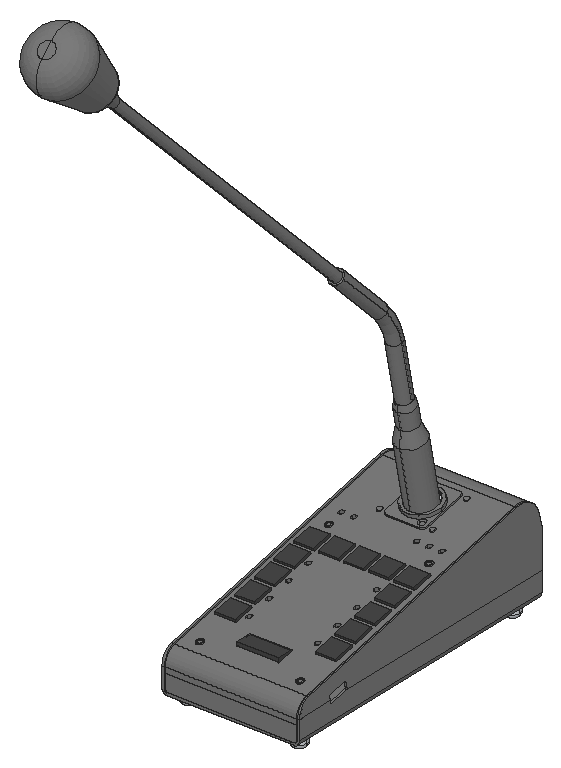
Revit family "LDA_BIM_MICROFONO MULTIZONA_MPS-8Z", category Equipos especializados, Revit 2021
Family settings
  Cota de conector redondo = Diámetro de uso
  Tipo de pieza = Normal
  Número OmniClass = 23.85.05.17
  Título OmniClass = Complete Audio-Visual Systems
  Se basa en plano de trabajo = Sí
  Siempre vertical = No
  Corte con vacíos al cargar = Sí
  Compartido = No
  Punto de cálculo de habitación = No
Parameters (values of type "MPS-8Z")
  URL = "https://support.lda-audiotech.com/sites/default/files/datasheets/LDA_MPS-8Z_es_0.pdf"
  Longitud Gooseneck = "350mm / 13,78”"
  Condiciones de Operación = "-5 ºC to +45 ºC / 23 ºF to 113 ºF 5% to 95% Humedad relativa (sin condensación)"
  Acabado = "Fe, Gris RAL 7016"
  ACSI Bus = "2 x Audio Balanceado (In+Loop)1Vp, 0,707Vrms. 10 KΩ, 2 x RJ-45 Female, Total 800m. / 2624,7ft"
  Sensibilidad = "-43 dB. a 1KHz"
  Respuesta en frecuencia = "200- 15000 Hz (+/-2dB)."
  Referencia = "LDAMPS8ZS02"
  Consumo de energía = "1 A"
  Fuente de alimentación = "5V dc, Tipo A/B Conector MiniUSB"
  Peso = "0,93 kg"
  Imagen de tipo = <Ninguno>
  Aux Mic Entrada = "1 x de entrada no Balanceada, 15mV, 47 KΩ, 1 x Minijack Mono 2,5mm"
  Axis Direccional = "Axial con respuesta diagrama hipercardioid polar."
  Botones = "3 x funciones programables, 1 x recall, 1 x seleccionar/ des-seleccionar todas las zonas, 8 x selección de zonas, 1 x llamar."
  Indicadores = "Estado: Emergencia, Fallo, Link, Ocupado, Linea Ocupada, Palabra concedida. 8 indicadores de zona seleccionada. Gooseneck incluye anillo luminoso para la palabra concedida"
  Tipo de TransductorConexión = "Condensador"
  Dimensiones sin gooseneck (W x H x D) = "95 x 65 x 190 mm / 3,75”x 2,56”x 7,48”"
  Keynote = ""
  Modelo = "MPS-8Z"
  Fabricante = "LDA"
  Default Elevation = 0 mm
  Dibujado por = "bmate@ruybesa.es"
  Descripción = "Micrófono multizona de altas prestaciones para el sistema de evacuación por voz y megafonía de NEO."
  Assembly Code = ""
  Type Comments = ""
  Ratio señal/ruido = "R> 98dB, A-ponderado"
Reference planes
  plane 1 "VH": y = 0
  plane 2 "HH": z = 0
  plane 3 "VV-1": x = 0
  plane 4 "Base": through (4267.2, -27.215, 24.086) normal (0, -0.2079, 0.9781)
  plane 5: through (4267.2, 153.346, 39.414) normal (0, -0.9781, -0.2079)
  plane 6 "VV": x = 42.7
Forms (mm)
  Sweep 1, solid
    path origin (0, 0, 0) x (1, 0, 0) y (0, 0, 1)
      loop
        line (0, 22.096) -> (0, 10)
        arc (0, 10) -> (1.025, 7.525) -> (3.5, 6.5) r 3.5
        line (3.5, 6.5) -> (81.9, 6.5)
        arc (81.9, 6.5) -> (84.375, 7.525) -> (85.4, 10) r 3.5
        line (85.4, 10) -> (85.4, 22.096)
    profile origin (0, 0, 16.048) x (0, -1, 0) y (1, 0, 0)
      loop
        line (0, 0) -> (0, 1.5) -> (-188.08, 1.5) -> (-188.08, 0) -> (0, 0)
  Extrusion 2, solid
    sketch origin (0, 0, 0) x (0, 1, 0) y (0, 0, 1)
      loop
        line (188.08, 22.096) -> (188.08, 46.138) -> (186.273, 54.64)
        arc (186.273, 54.64) -> (179.987, 63.786) -> (169.075, 65.808) r 14.5
        line (169.075, 65.808) -> (7.604, 31.487)
        arc (7.604, 31.487) -> (2.139, 28.138) -> (0, 22.096) r 9.6
        line (0, 22.096) -> (23.552, 22.096) -> (22.886, 25.233) -> (36.392, 28.104) -> (37.669, 22.096) -> (188.08, 22.096)
    from 0 to 1.5
  Extrusion 3, void
    sketch origin (0, 0, 0) x (0, 1, 0) y (0, 0, 1)
      loop
        line (37.001, 22.096) -> (23.552, 22.096) -> (24.134, 19.362) -> (37.001, 22.096)
    from 0 to 1.5
  Extrusion 4, solid
    sketch origin (85.4, 0, 0) x (0, 1, 0) y (0, 0, -1)
      loop
        line (188.08, -22.096) -> (37.669, -22.096) -> (36.392, -28.104) -> (22.886, -25.233) -> (23.552, -22.096) -> (0, -22.096)
        arc (0, -22.096) -> (2.139, -28.138) -> (7.604, -31.487) r 9.6
        line (7.604, -31.487) -> (169.075, -65.808)
        arc (169.075, -65.808) -> (179.987, -63.786) -> (186.273, -54.64) r 14.5
        line (186.273, -54.64) -> (188.08, -46.138) -> (188.08, -22.096)
    from 0 to 1.5
  Extrusion 5, void
    sketch origin (85.4, 0, 0) x (0, 1, 0) y (0, 0, -1)
      loop
        line (37.001, -22.096) -> (24.134, -19.362) -> (23.552, -22.096) -> (37.001, -22.096)
    from 0 to 1.5
  Revolve 6, solid
    sketch origin (0, 10.274, 0) x (1, 0, 0) y (0, 0, 1)
      loop
        line (8.25, 16.6) -> (6.25, 16.6) -> (4.851, 12.2) -> (4.851, 6.5) -> (3.5, 6.5) -> (3.5, 3)
        arc (3.5, 3) -> (4.379, 0.879) -> (6.5, 0) r 3
        line (6.5, 0) -> (8.25, 0) -> (8.25, 16.6)
      axis (8.25, 16.6) -> (8.25, 0)
    angle from 0 to 360
  Revolve 7, solid
    sketch origin (85.4, 10.274, 0) x (-1, 0, 0) y (0, 0, -1)
      loop
        line (8.25, -16.6) -> (8.25, 0) -> (6.5, 0)
        arc (6.5, 0) -> (4.379, -0.879) -> (3.5, -3) r 3
        line (3.5, -3) -> (3.5, -6.5) -> (4.851, -6.5) -> (4.851, -12.2) -> (6.25, -16.6) -> (8.25, -16.6)
      axis (8.25, -16.6) -> (8.25, 0)
    angle from 0 to 360
  Revolve 8, solid
    sketch origin (0, 175.852, 0) x (1, 0, 0) y (0, 0, -1)
      loop
        line (8.25, -16.6) -> (8.25, 0) -> (6.5, 0)
        arc (6.5, 0) -> (4.379, -0.879) -> (3.5, -3) r 3
        line (3.5, -3) -> (3.5, -6.5) -> (4.851, -6.5) -> (4.851, -12.2) -> (6.25, -16.6) -> (8.25, -16.6)
      axis (8.25, -16.6) -> (8.25, 0)
    angle from 0 to 360
  Revolve 9, solid
    sketch origin (85.4, 175.852, 0) x (-1, 0, 0) y (0, 0, 1)
      loop
        line (8.25, 16.6) -> (6.25, 16.6) -> (4.851, 12.2) -> (4.851, 6.5) -> (3.5, 6.5) -> (3.5, 3)
        arc (3.5, 3) -> (4.379, 0.879) -> (6.5, 0) r 3
        line (6.5, 0) -> (8.25, 0) -> (8.25, 16.6)
      axis (8.25, 16.6) -> (8.25, 0)
    angle from 0 to 360
  Revolve 10, void
    sketch origin (0, 5.1, 0) x (1, 0, 0) y (0, 0, 1)
      loop
        line (15.936, 6.5) -> (19.186, 6.5) -> (19.186, 8) -> (17.661, 8) -> (15.936, 6.5)
      axis (19.186, 8) -> (19.186, 6.5)
    angle from 0 to 360
  Revolve 11, void
    sketch origin (85.4, 5.1, 0) x (-1, 0, 0) y (0, 0, -1)
      loop
        line (15.936, -6.5) -> (17.661, -8) -> (19.186, -8) -> (19.186, -6.5) -> (15.936, -6.5)
      axis (19.186, -8) -> (19.186, -6.5)
    angle from 0 to 360
  Revolve 12, void
    sketch origin (0, 183.01, 0) x (1, 0, 0) y (0, 0, -1)
      loop
        line (15.936, -6.5) -> (17.661, -8) -> (19.186, -8) -> (19.186, -6.5) -> (15.936, -6.5)
      axis (19.186, -8) -> (19.186, -6.5)
    angle from 0 to 360
  Revolve 13, void
    sketch origin (85.4, 183.01, 0) x (-1, 0, 0) y (0, 0, 1)
      loop
        line (15.936, 6.5) -> (19.186, 6.5) -> (19.186, 8) -> (17.661, 8) -> (15.936, 6.5)
      axis (19.186, 8) -> (19.186, 6.5)
    angle from 0 to 360
  Extrusion 14, void
    sketch origin (0, 0, 0) x (0, 1, 0) y (1, 0, 0)
      loop
        line (161.502, 5.394) -> (161.502, 10.994) -> (155.002, 10.994) -> (155.002, 5.394) -> (161.502, 5.394)
    from -6.5 to -10
  Extrusion 15, void
    sketch origin (13.433, -84.81, 0) x (0, 1, 0) y (1, 0, 0)
      loop
        line (156.693, 6.513) -> (160.693, 6.513)
        arc (160.693, 6.513) -> (163.943, 9.763) -> (160.693, 13.013) r 3.25
        line (160.693, 13.013) -> (156.693, 13.013)
        arc (156.693, 13.013) -> (153.443, 9.763) -> (156.693, 6.513) r 3.25
    from -6.5 to -10
  Extrusion 16, void
    sketch origin (4.523, -89.35, 0) x (0, 1, 0) y (1, 0, 0)
      loop
        circle (158.516, 9.036) r 1.985
    from -6.5 to -10
  Extrusion 17, void
    sketch origin (80.877, -89.35, 0) x (0, -1, 0) y (-1, 0, 0)
      loop
        circle (-158.516, 9.036) r 1.985
    from -6.5 to -10
  Extrusion 18, void
    sketch origin (80.877, -38.35, 0) x (0, -1, 0) y (-1, 0, 0)
      loop
        circle (-158.516, 9.036) r 1.985
    from -6.5 to -10
  Extrusion 19, solid
    sketch origin (0, 0, 0) x (1, 0, 0) y (0, 1, 0)
      loop
        circle (13.558, 69.166) r 1.985
      loop
        circle (13.558, 69.166) r 3.953
    from 8 to 10
  Extrusion 20, solid
    sketch origin (85.4, 0, 0) x (-1, 0, 0) y (0, -1, 0)
      loop
        circle (13.558, -69.166) r 1.985
      loop
        circle (13.558, -69.166) r 3.953
    from 8 to 10
  Extrusion 21, solid
    sketch origin (0, 51, 0) x (1, 0, 0) y (0, 1, 0)
      loop
        circle (13.558, 69.166) r 1.985
      loop
        circle (13.558, 69.166) r 3.953
    from 8 to 10
  Extrusion 22, solid
    sketch origin (85.4, 51, 0) x (-1, 0, 0) y (0, -1, 0)
      loop
        circle (13.558, -69.166) r 1.985
      loop
        circle (13.558, -69.166) r 3.953
    from 8 to 10
  Extrusion 23, void
    sketch origin (4.574, -147.843, 0) x (0, 1, 0) y (1, 0, 0)
      loop
        circle (158.117, 3.676) r 3.4
    from -6.5 to -10
  Extrusion 24, void
    sketch origin (73.474, -147.843, 0) x (0, 1, 0) y (1, 0, 0)
      loop
        circle (158.117, 3.676) r 3.4
    from -6.5 to -10
  Extrusion 25, void
    sketch origin (4.574, 17.735, 0) x (0, 1, 0) y (1, 0, 0)
      loop
        circle (158.117, 3.676) r 3.4
    from -6.5 to -10
  Extrusion 26, void
    sketch origin (73.474, 17.735, 0) x (0, 1, 0) y (1, 0, 0)
      loop
        circle (158.117, 3.676) r 3.4
    from -6.5 to -10
  Extrusion 27, void
    sketch origin (4.523, -38.35, 0) x (0, 1, 0) y (1, 0, 0)
      loop
        circle (158.516, 9.036) r 1.985
    from -6.5 to -10
  Extrusion 28, solid
    sketch origin (0, 11.927, -32.177) x (1, 0, 0) y (0, 0.978287, 0.207255)
      loop
        line (23.203, 135.463) -> (62.2, 135.463)
        arc (62.2, 135.463) -> (63.615, 136.049) -> (64.2, 137.463) r 2
        line (64.2, 137.463) -> (64.2, 170.463)
        arc (64.2, 170.463) -> (63.615, 171.878) -> (62.2, 172.463) r 2
        line (62.2, 172.463) -> (23.2, 172.463)
        arc (23.2, 172.463) -> (21.786, 171.878) -> (21.2, 170.463) r 2
        line (21.2, 170.463) -> (21.2, 137.466)
        arc (21.2, 137.466) -> (21.787, 136.05) -> (23.203, 135.463) r 2.002
      loop
        circle (26.202, 167.463) r 1.991
      loop
        circle (59.198, 167.463) r 1.991
      loop
        circle (26.202, 140.464) r 1.991
      loop
        circle (59.198, 140.464) r 1.991
    from 59.077 to 60.577
  Extrusion 29, solid
    sketch origin (0, 11.927, -32.177) x (1, 0, 0) y (0, 0.978287, 0.207255)
      loop
        line (32.7, 137.963) -> (52.7, 137.963)
        arc (52.7, 137.963) -> (54.822, 138.842) -> (55.7, 140.963) r 3
        line (55.7, 140.963) -> (55.7, 166.963)
        arc (55.7, 166.963) -> (54.822, 169.085) -> (52.7, 169.963) r 3
        line (52.7, 169.963) -> (32.7, 169.963)
        arc (32.7, 169.963) -> (30.579, 169.085) -> (29.7, 166.963) r 3
        line (29.7, 166.963) -> (29.7, 140.963)
        arc (29.7, 140.963) -> (30.579, 138.842) -> (32.7, 137.963) r 3
      loop
        circle (42.702, 153.963) r 10.927
    from 60.577 to 63.677
  Revolve 30, void
    sketch origin (0, 150.759, -2.765) x (1, 0, 0) y (0, -0.207255, 0.978287)
      loop
        line (49.411, 63.677) -> (50.679, 62.687) -> (50.679, 60.577) -> (51.72, 60.577) -> (51.72, 63.677) -> (49.411, 63.677)
      axis (51.72, 60.577) -> (51.72, 63.677)
    angle from 0 to 360
  Revolve 31, void
    sketch origin (85.401, 174.335, 2.23) x (-1, 0, 0) y (0, -0.207255, 0.978287)
      loop
        line (49.411, 63.677) -> (50.679, 62.687) -> (50.679, 60.577) -> (51.72, 60.577) -> (51.72, 63.677) -> (49.411, 63.677)
      axis (51.72, 60.577) -> (51.72, 63.677)
    angle from 0 to 360
  Extrusion 32, solid
    sketch origin (0, 11.927, -32.177) x (1, 0, 0) y (0, 0.978287, 0.207255)
      loop
        circle (42.702, 153.963) r 10.927
    from 50.677 to 63.677
  Extrusion 33, void
    sketch origin (0, 11.927, -32.177) x (1, 0, 0) y (0, 0.978287, 0.207255)
      loop
        circle (42.702, 153.963) r 9.8
      loop
        circle (42.702, 153.963) r 7.736
    from 53.677 to 63.677
  Extrusion 34, void
    sketch origin (0, 11.927, -32.177) x (1, 0, 0) y (0, 0.978287, 0.207255)
      loop
        circle (38.3, 153.963) r 1.335
      loop
        circle (47.103, 153.963) r 1.335
      loop
        circle (42.702, 149.562) r 1.335
    from 62.177 to 63.677
  Extrusion 35, solid
    sketch origin (0, 11.927, -32.177) x (1, 0, 0) y (0, 0.978287, 0.207255)
      loop
        circle (42.702, 153.963) r 9.8
      loop
        circle (42.702, 153.963) r 11.797
    from 65.677 to 63.677
  Extrusion 36, solid
    sketch origin (0, 11.927, -32.177) x (1, 0, 0) y (0, 0.978287, 0.207255)
      loop
        arc (37.922, 160.538) -> (42.702, 145.834) -> (47.482, 160.538) r 8.129
        line (47.482, 160.538) -> (37.922, 160.538)
    from 40.727 to 50.677
  Extrusion 37, solid
    sketch origin (0, 0, 0) x (1, 0, 0) y (0, 0, 1)
      loop
        line (1.5, 18.395) -> (1.5, 9.97)
        arc (1.5, 9.97) -> (2.077, 8.577) -> (3.47, 8) r 1.97
        line (3.47, 8) -> (81.937, 8)
        arc (81.937, 8) -> (83.325, 8.575) -> (83.9, 9.963) r 1.963
        line (83.9, 9.963) -> (83.9, 18.395) -> (1.5, 18.395)
    from 0 to -1.5
  Extrusion 38, solid
    sketch origin (-72.5, 0, 0) x (0, 0, 1) y (0, 1, 0)
      loop
        line (31.487, 7.604) -> (65.808, 169.075)
        arc (65.808, 169.075) -> (63.786, 179.987) -> (54.64, 186.273) r 14.5
        line (54.64, 186.273) -> (46.138, 188.08) -> (16.6, 188.08) -> (16.6, 186.58) -> (45.981, 186.58) -> (54.328, 184.806)
        arc (54.328, 184.806) -> (62.528, 179.17) -> (64.341, 169.387) r 13
        line (64.341, 169.387) -> (30.019, 7.916)
        arc (30.019, 7.916) -> (27.194, 3.305) -> (22.096, 1.5) r 8.1
        line (22.096, 1.5) -> (18.395, 1.5) -> (18.395, 0) -> (22.096, 0)
        arc (22.096, 0) -> (28.138, 2.139) -> (31.487, 7.604) r 9.6
    from -156.4 to -74
  Extrusion 39, void
    sketch origin (0, 46.929, -9.478) x (-1, 0, 0) y (0, 0.978148, 0.207912)
      loop
        circle (-42.7, 115) r 12
    from -46.746 to -48.246
  Extrusion 40, void
    sketch origin (0, 6.21, 0.653) x (-1, 0, 0) y (0, 0.978148, 0.207912)
      loop
        line (-5.194, 35.79) -> (-5.194, 48.39) -> (-17.789, 48.39) -> (-17.789, 35.79) -> (-5.194, 35.79)
      loop
        line (-5.194, 51.39) -> (-5.194, 63.99) -> (-17.789, 63.99) -> (-17.789, 51.39) -> (-5.194, 51.39)
      loop
        line (-5.194, 66.99) -> (-5.194, 79.59) -> (-17.789, 79.59) -> (-17.789, 66.99) -> (-5.194, 66.99)
      loop
        line (-5.194, 82.59) -> (-5.194, 95.19) -> (-17.789, 95.19) -> (-17.789, 82.59) -> (-5.194, 82.59)
      loop
        line (-5.194, 98.19) -> (-5.194, 110.79) -> (-17.789, 110.79) -> (-17.789, 98.19) -> (-5.194, 98.19)
      loop
        line (-20.796, 98.19) -> (-20.796, 110.79) -> (-33.396, 110.79) -> (-33.396, 98.19) -> (-20.796, 98.19)
      loop
        line (-36.396, 98.19) -> (-36.396, 110.79) -> (-48.996, 110.79) -> (-48.996, 98.19) -> (-36.396, 98.19)
      loop
        line (-80.197, 35.79) -> (-67.602, 35.79) -> (-67.602, 48.39) -> (-80.197, 48.39) -> (-80.197, 35.79)
      loop
        line (-80.197, 51.39) -> (-67.602, 51.39) -> (-67.602, 63.99) -> (-80.197, 63.99) -> (-80.197, 51.39)
      loop
        line (-80.197, 66.99) -> (-67.602, 66.99) -> (-67.602, 79.59) -> (-80.197, 79.59) -> (-80.197, 66.99)
      loop
        line (-80.197, 82.59) -> (-67.602, 82.59) -> (-67.602, 95.19) -> (-80.197, 95.19) -> (-80.197, 82.59)
      loop
        line (-80.197, 98.19) -> (-67.602, 98.19) -> (-67.602, 110.79) -> (-80.197, 110.79) -> (-80.197, 98.19)
      loop
        line (-64.596, 98.19) -> (-51.996, 98.19) -> (-51.996, 110.79) -> (-64.596, 110.79) -> (-64.596, 98.19)
      loop
        line (-29.846, 21.311) -> (-29.846, 31.861) -> (-55.546, 31.861) -> (-55.546, 21.311) -> (-29.846, 21.311)
      loop
        circle (-21.494, 42.095) r 1.65
      loop
        circle (-21.494, 57.693) r 1.648
      loop
        circle (-21.494, 73.295) r 1.65
      loop
        circle (-21.494, 88.893) r 1.652
      loop
        circle (-63.906, 42.095) r 1.65
      loop
        circle (-63.906, 57.693) r 1.648
      loop
        circle (-63.906, 73.295) r 1.65
      loop
        circle (-63.906, 88.893) r 1.652
      loop
        circle (-11.498, 127.985) r 1.65
      loop
        circle (-19.289, 127.985) r 1.65
      loop
        circle (-73.902, 127.985) r 1.65
      loop
        circle (-66.111, 127.985) r 1.65
      loop
        circle (-58.294, 127.985) r 1.65
    from -29.87 to -28.37
  Extrusion 41, solid
    sketch origin (0, 6.21, 0.653) x (1, 0, 0) y (0, 0.978148, 0.207912)
      loop
        circle (11.496, 15.19) r 2.095
      loop
        circle (11.496, 15.19) r 1.5
    from 19.9 to 29.87
  Extrusion 42, solid
    sketch origin (85.4, 6.21, 0.653) x (-1, 0, 0) y (0, -0.978148, -0.207912)
      loop
        circle (11.496, -15.19) r 2.095
      loop
        circle (11.496, -15.19) r 1.5
    from 19.9 to 29.87
  Extrusion 43, solid
    sketch origin (0, 106.568, 21.984) x (1, 0, 0) y (0, 0.978148, 0.207912)
      loop
        circle (11.496, 15.19) r 2.095
      loop
        circle (11.496, 15.19) r 1.5
    from 19.9 to 29.87
  Extrusion 44, solid
    sketch origin (85.4, 106.568, 21.984) x (-1, 0, 0) y (0, -0.978148, -0.207912)
      loop
        circle (11.496, -15.19) r 2.095
      loop
        circle (11.496, -15.19) r 1.5
    from 19.9 to 29.87
  Extrusion 45, solid
    sketch origin (0, 6.21, 0.653) x (1, 0, 0) y (0, 0.978148, 0.207912)
      loop
        circle (26.2, 166.222) r 1.5
      loop
        circle (59.2, 166.222) r 1.5
      loop
        circle (26.2, 139.222) r 1.5
      loop
        circle (59.2, 139.222) r 1.5
    from 19.9 to 29.87
  Extrusion 46, solid
    sketch origin (0, 0, 0) x (1, 0, 0) y (0, 0, 1)
      loop
        arc (81.9, 8) -> (83.314, 8.586) -> (83.9, 10) r 2
        line (83.9, 10) -> (83.9, 16.6) -> (1.5, 16.6) -> (1.5, 10)
        arc (1.5, 10) -> (2.086, 8.586) -> (3.5, 8) r 2
        line (3.5, 8) -> (81.9, 8)
    from -186.58 to -188.08
  Extrusion 47, void
    sketch origin (0, 0, 0) x (1, 0, 0) y (0, 0, 1)
      loop
        circle (66.54, 23.2) r 3.2
      loop
        line (26.65, 33.39) -> (26.65, 19.49) -> (43.35, 19.49) -> (43.35, 33.39) -> (26.65, 33.39)
      loop
        line (44.45, 33.39) -> (44.45, 19.49) -> (61.15, 19.49) -> (61.15, 33.39) -> (44.45, 33.39)
      loop
        line (22.6, 18.91) -> (14.2, 18.91) -> (14.2, 14.16) -> (22.6, 14.16) -> (22.6, 18.91)
    from -186.58 to -188.08
  Extrusion 48, solid
    sketch origin (57.827, 4.293, 8.5) x (1, 0, 0) y (0, 1, 0)
      loop
        line (4.463, 182.287) -> (5.513, 178.374) -> (7.599, 178.374)
        arc (7.599, 178.374) -> (5.515, 175.66) -> (7.2, 172.681) r 3.099
        line (7.2, 172.681) -> (10.225, 172.681)
        arc (10.225, 172.681) -> (11.91, 175.66) -> (9.826, 178.374) r 3.099
        line (9.826, 178.374) -> (11.913, 178.374) -> (12.963, 182.287) -> (4.463, 182.287)
      loop
        spline (7.213, 175.44) -> (7.264, 175.06) -> (7.414, 174.706) -> (7.652, 174.402) -> (7.963, 174.169) -> (8.325, 174.023) -> (8.713, 173.973) -> (9.101, 174.023) -> (9.463, 174.169) -> (9.774, 174.402) -> (10.012, 174.706) -> (10.162, 175.06) -> (10.213, 175.44)
        spline (10.213, 175.44) -> (10.162, 175.82) -> (10.012, 176.173) -> (9.774, 176.477) -> (9.463, 176.71) -> (9.101, 176.857) -> (8.713, 176.907) -> (8.325, 176.857) -> (7.963, 176.71) -> (7.652, 176.477) -> (7.414, 176.173) -> (7.264, 175.82) -> (7.213, 175.44)
    from 0 to 3
  Extrusion 49, solid
    sketch origin (68.327, 4.293, 10.5) x (1, 0, 0) y (0, 1, 0)
      loop
        line (4.463, 182.287) -> (5.513, 178.374) -> (7.599, 178.374)
        arc (7.599, 178.374) -> (5.515, 175.66) -> (7.2, 172.681) r 3.099
        line (7.2, 172.681) -> (10.225, 172.681)
        arc (10.225, 172.681) -> (11.91, 175.66) -> (9.826, 178.374) r 3.099
        line (9.826, 178.374) -> (11.913, 178.374) -> (12.963, 182.287) -> (4.463, 182.287)
      loop
        spline (7.213, 175.44) -> (7.264, 175.06) -> (7.414, 174.706) -> (7.652, 174.402) -> (7.963, 174.169) -> (8.325, 174.023) -> (8.713, 173.973) -> (9.101, 174.023) -> (9.463, 174.169) -> (9.774, 174.402) -> (10.012, 174.706) -> (10.162, 175.06) -> (10.213, 175.44)
        spline (10.213, 175.44) -> (10.162, 175.82) -> (10.012, 176.173) -> (9.774, 176.477) -> (9.463, 176.71) -> (9.101, 176.857) -> (8.713, 176.907) -> (8.325, 176.857) -> (7.963, 176.71) -> (7.652, 176.477) -> (7.414, 176.173) -> (7.264, 175.82) -> (7.213, 175.44)
    from 0 to 3
  Extrusion 50, solid
    sketch origin (27.61, 4.293, 8.5) x (-1, 0, 0) y (0, -1, 0)
      loop
        line (4.463, -182.287) -> (12.963, -182.287) -> (11.913, -178.374) -> (9.826, -178.374)
        arc (9.826, -178.374) -> (11.91, -175.66) -> (10.225, -172.681) r 3.099
        line (10.225, -172.681) -> (7.2, -172.681)
        arc (7.2, -172.681) -> (5.515, -175.66) -> (7.599, -178.374) r 3.099
        line (7.599, -178.374) -> (5.513, -178.374) -> (4.463, -182.287)
      loop
        spline (7.213, -175.44) -> (7.264, -175.82) -> (7.414, -176.173) -> (7.652, -176.477) -> (7.963, -176.71) -> (8.325, -176.857) -> (8.713, -176.907) -> (9.101, -176.857) -> (9.463, -176.71) -> (9.774, -176.477) -> (10.012, -176.173) -> (10.162, -175.82) -> (10.213, -175.44)
        spline (10.213, -175.44) -> (10.162, -175.06) -> (10.012, -174.706) -> (9.774, -174.402) -> (9.463, -174.169) -> (9.101, -174.023) -> (8.713, -173.973) -> (8.325, -174.023) -> (7.963, -174.169) -> (7.652, -174.402) -> (7.414, -174.706) -> (7.264, -175.06) -> (7.213, -175.44)
    from 0 to 3
  Extrusion 51, solid
    sketch origin (17.11, 4.293, 10.5) x (-1, 0, 0) y (0, -1, 0)
      loop
        line (4.463, -182.287) -> (12.963, -182.287) -> (11.913, -178.374) -> (9.826, -178.374)
        arc (9.826, -178.374) -> (11.91, -175.66) -> (10.225, -172.681) r 3.099
        line (10.225, -172.681) -> (7.2, -172.681)
        arc (7.2, -172.681) -> (5.515, -175.66) -> (7.599, -178.374) r 3.099
        line (7.599, -178.374) -> (5.513, -178.374) -> (4.463, -182.287)
      loop
        spline (7.213, -175.44) -> (7.264, -175.82) -> (7.414, -176.173) -> (7.652, -176.477) -> (7.963, -176.71) -> (8.325, -176.857) -> (8.713, -176.907) -> (9.101, -176.857) -> (9.463, -176.71) -> (9.774, -176.477) -> (10.012, -176.173) -> (10.162, -175.82) -> (10.213, -175.44)
        spline (10.213, -175.44) -> (10.162, -175.06) -> (10.012, -174.706) -> (9.774, -174.402) -> (9.463, -174.169) -> (9.101, -174.023) -> (8.713, -173.973) -> (8.325, -174.023) -> (7.963, -174.169) -> (7.652, -174.402) -> (7.414, -174.706) -> (7.264, -175.06) -> (7.213, -175.44)
    from 0 to 3
  Extrusion 52, solid
    sketch origin (57.517, 183.787, 10.5) x (1, 0, 0) y (0, 1, 0)
      loop
        line (4.463, -182.287) -> (12.963, -182.287) -> (11.913, -178.374) -> (9.826, -178.374)
        arc (9.826, -178.374) -> (11.91, -175.66) -> (10.225, -172.681) r 3.099
        line (10.225, -172.681) -> (7.2, -172.681)
        arc (7.2, -172.681) -> (5.515, -175.66) -> (7.599, -178.374) r 3.099
        line (7.599, -178.374) -> (5.513, -178.374) -> (4.463, -182.287)
      loop
        spline (7.213, -175.44) -> (7.264, -175.82) -> (7.414, -176.173) -> (7.652, -176.477) -> (7.963, -176.71) -> (8.325, -176.857) -> (8.713, -176.907) -> (9.101, -176.857) -> (9.463, -176.71) -> (9.774, -176.477) -> (10.012, -176.173) -> (10.162, -175.82) -> (10.213, -175.44)
        spline (10.213, -175.44) -> (10.162, -175.06) -> (10.012, -174.706) -> (9.774, -174.402) -> (9.463, -174.169) -> (9.101, -174.023) -> (8.713, -173.973) -> (8.325, -174.023) -> (7.963, -174.169) -> (7.652, -174.402) -> (7.414, -174.706) -> (7.264, -175.06) -> (7.213, -175.44)
    from 0 to 3
  Extrusion 53, solid
    sketch origin (27.883, 183.787, 10.5) x (-1, 0, 0) y (0, -1, 0)
      loop
        line (4.463, 182.287) -> (5.513, 178.374) -> (7.599, 178.374)
        arc (7.599, 178.374) -> (5.515, 175.66) -> (7.2, 172.681) r 3.099
        line (7.2, 172.681) -> (10.225, 172.681)
        arc (10.225, 172.681) -> (11.91, 175.66) -> (9.826, 178.374) r 3.099
        line (9.826, 178.374) -> (11.913, 178.374) -> (12.963, 182.287) -> (4.463, 182.287)
      loop
        spline (7.213, 175.44) -> (7.264, 175.06) -> (7.414, 174.706) -> (7.652, 174.402) -> (7.963, 174.169) -> (8.325, 174.023) -> (8.713, 173.973) -> (9.101, 174.023) -> (9.463, 174.169) -> (9.774, 174.402) -> (10.012, 174.706) -> (10.162, 175.06) -> (10.213, 175.44)
        spline (10.213, 175.44) -> (10.162, 175.82) -> (10.012, 176.173) -> (9.774, 176.477) -> (9.463, 176.71) -> (9.101, 176.857) -> (8.713, 176.907) -> (8.325, 176.857) -> (7.963, 176.71) -> (7.652, 176.477) -> (7.414, 176.173) -> (7.264, 175.82) -> (7.213, 175.44)
    from 0 to 3
  Extrusion 54, solid
    sketch origin (0, 6.21, 0.653) x (1, 0, 0) y (0, 0.978148, 0.207912)
      loop
        line (5.194, 110.804) -> (5.194, 98.19) -> (17.789, 98.19) -> (17.789, 110.804) -> (5.194, 110.804)
      loop
        line (20.796, 110.79) -> (20.796, 98.177) -> (33.391, 98.177) -> (33.391, 110.79) -> (20.796, 110.79)
      loop
        line (36.397, 110.777) -> (36.397, 98.163) -> (48.993, 98.163) -> (48.993, 110.777) -> (36.397, 110.777)
      loop
        line (51.996, 110.79) -> (51.996, 98.177) -> (64.591, 98.177) -> (64.591, 110.79) -> (51.996, 110.79)
      loop
        line (67.604, 110.777) -> (67.604, 98.163) -> (80.199, 98.163) -> (80.199, 110.777) -> (67.604, 110.777)
      loop
        line (5.197, 95.19) -> (5.197, 82.577) -> (17.793, 82.577) -> (17.793, 95.19) -> (5.197, 95.19)
      loop
        line (67.607, 95.163) -> (67.607, 82.549) -> (80.202, 82.549) -> (80.202, 95.163) -> (67.607, 95.163)
      loop
        line (5.197, 79.59) -> (5.197, 66.977) -> (17.793, 66.977) -> (17.793, 79.59) -> (5.197, 79.59)
      loop
        line (67.607, 79.563) -> (67.607, 66.949) -> (80.202, 66.949) -> (80.202, 79.563) -> (67.607, 79.563)
      loop
        line (5.197, 63.99) -> (5.197, 51.377) -> (17.793, 51.377) -> (17.793, 63.99) -> (5.197, 63.99)
      loop
        line (67.607, 63.963) -> (67.607, 51.349) -> (80.202, 51.349) -> (80.202, 63.963) -> (67.607, 63.963)
      loop
        line (5.197, 48.39) -> (5.197, 35.777) -> (17.793, 35.777) -> (17.793, 48.39) -> (5.197, 48.39)
      loop
        line (67.607, 48.363) -> (67.607, 35.749) -> (80.202, 35.749) -> (80.202, 48.363) -> (67.607, 48.363)
    from 28.37 to 31
  Extrusion 55, solid
    sketch origin (0, 0, 0) x (0, 1, 0) y (0, 0, 1)
      loop
        line (31.165, 36.495) -> (21.165, 36.495) -> (21.165, 32.836) -> (31.477, 35.028) -> (31.165, 36.495)
    from 29.7 to 55.7
  Extrusion 56, solid
    sketch origin (0, 0, 0) x (1, 0, 0) y (0, 0, 1)
      loop
        line (61.15, 33.39) -> (44.45, 33.39) -> (44.45, 19.49) -> (61.15, 19.49) -> (61.15, 33.39)
    from -178.1 to -188.08
  Extrusion 57, void
    sketch origin (0, 0, 0) x (1, 0, 0) y (0, 0, 1)
      loop
        line (59.062, 31.248) -> (46.471, 31.248) -> (46.471, 23.2) -> (49.191, 23.2) -> (49.191, 21.746) -> (50.328, 21.746) -> (50.328, 19.95) -> (55.206, 19.95) -> (55.206, 21.746) -> (56.343, 21.746) -> (56.343, 23.2) -> (59.062, 23.2) -> (59.062, 31.248)
    from -188.08 to -180.1
  Extrusion 58, solid
    sketch origin (-17.8, 0, 0) x (1, 0, 0) y (0, 0, 1)
      loop
        line (61.15, 33.39) -> (44.45, 33.39) -> (44.45, 19.49) -> (61.15, 19.49) -> (61.15, 33.39)
    from -178.1 to -188.08
  Extrusion 59, void
    sketch origin (-17.8, 0, 0) x (1, 0, 0) y (0, 0, 1)
      loop
        line (59.062, 31.248) -> (46.471, 31.248) -> (46.471, 23.2) -> (49.191, 23.2) -> (49.191, 21.746) -> (50.328, 21.746) -> (50.328, 19.95) -> (55.206, 19.95) -> (55.206, 21.746) -> (56.343, 21.746) -> (56.343, 23.2) -> (59.062, 23.2) -> (59.062, 31.248)
    from -188.08 to -180.1
  Extrusion 60, solid
    sketch origin (16.068, 0, -5.533) x (1, 0, 0) y (0, 0, 1)
      loop
        circle (50.472, 28.733) r 3.2
    from -178.1 to -190
  Extrusion 61, void
    sketch origin (13.495, 0, -9.449) x (1, 0, 0) y (0, 0, 1)
      loop
        circle (53.045, 32.649) r 2.2
    from -190 to -180.1
  Revolve 62, solid, not visible
    sketch origin (-72.5, 0, 0) x (0, 0, 1) y (0, -1, 0)
      loop
        line (59.989, -139.733) -> (61.863, -148.575) -> (126.332, -134.871) -> (125.25, -129.777) -> (121.06, -129.777) -> (110.257, -132.066) -> (100.295, -131.194) -> (59.989, -139.733)
      axis (61.863, -148.575) -> (126.332, -134.871)
    angle from 0 to 360
  Sweep 63, solid, not visible
    path origin (-72.5, 0, 0) x (0, 0, 1) y (0, -1, 0)
      loop
        line (126.332, -134.871) -> (162.562, -127.17)
        arc (162.562, -127.17) -> (174.343, -122.824) -> (184.405, -115.31) r 43.757
        line (184.405, -115.31) -> (217.666, -82.049)
    profile origin (-72.5, 131.021, 144.447) x (0, 0.978148, 0.207912) y (-1, 0, 0)
      loop
        circle (0, 0) r 4.5
  Revolve 64, solid, not visible
    sketch origin (-72.5, 0, 0) x (0, 0, 1) y (0, -1, 0)
      loop
        line (215.499, -79.882) -> (217.666, -82.049) -> (403.491, 103.776) -> (398.97, 108.298) -> (394.816, 104.144) -> (388.74, 93.36) -> (215.499, -79.882)
      axis (217.666, -82.049) -> (403.491, 103.776)
    angle from 0 to 360
  Revolve 65, solid, not visible
    sketch origin (-72.5, 0, 0) x (0, 0, 1) y (0, -1, 0)
      loop
        line (403.491, 103.776) -> (442.674, 142.959) -> (439.059, 146.573)
        arc (439.059, 146.573) -> (427.015, 150.898) -> (416.017, 144.355) r 15
        line (416.017, 144.355) -> (396.931, 116.058)
        arc (396.931, 116.058) -> (396.099, 112.783) -> (397.541, 109.727) r 5
        line (397.541, 109.727) -> (403.491, 103.776)
      axis (403.491, 103.776) -> (442.674, 142.959)
    angle from 0 to 360
  Revolve 66, solid
    sketch origin (42.7, 0, 0) x (0, 0, 1) y (0, -1, 0)
      loop
        line (59.989, -139.733) -> (61.863, -148.575) -> (126.332, -134.871) -> (125.25, -129.777) -> (121.06, -129.777) -> (110.257, -132.066) -> (100.295, -131.194) -> (59.989, -139.733)
      axis (61.863, -148.575) -> (126.332, -134.871)
    angle from 0 to 360
  Sweep 67, solid
    path origin (42.7, 0, 0) x (0, 0, 1) y (0, -1, 0)
      loop
        line (126.332, -134.871) -> (162.562, -127.17)
        arc (162.562, -127.17) -> (174.343, -122.824) -> (184.405, -115.31) r 43.757
        line (184.405, -115.31) -> (217.666, -82.049)
    profile origin (42.7, 131.021, 144.447) x (0, 0.978148, 0.207912) y (-1, 0, 0)
      loop
        circle (0, 0) r 4.5
  Revolve 68, solid
    sketch origin (42.7, 0, 0) x (0, 0, 1) y (0, -1, 0)
      loop
        line (215.499, -79.882) -> (217.666, -82.049) -> (403.491, 103.776) -> (398.97, 108.298) -> (394.816, 104.144) -> (388.74, 93.36) -> (215.499, -79.882)
      axis (217.666, -82.049) -> (403.491, 103.776)
    angle from 0 to 360
  Revolve 69, solid
    sketch origin (42.7, 0, 0) x (0, 0, 1) y (0, -1, 0)
      loop
        line (403.491, 103.776) -> (442.674, 142.959) -> (439.059, 146.573)
        arc (439.059, 146.573) -> (427.015, 150.898) -> (416.017, 144.355) r 15
        line (416.017, 144.355) -> (396.931, 116.058)
        arc (396.931, 116.058) -> (396.099, 112.783) -> (397.541, 109.727) r 5
        line (397.541, 109.727) -> (403.491, 103.776)
      axis (403.491, 103.776) -> (442.674, 142.959)
    angle from 0 to 360
  Sweep 70, solid, not visible
    path origin (0, 0, 0) x (1, 0, 0) y (0, 0, 1)
      loop
        line (0, 22.096) -> (0, 10)
        arc (0, 10) -> (1.025, 7.525) -> (3.5, 6.5) r 3.5
        line (3.5, 6.5) -> (81.9, 6.5)
        arc (81.9, 6.5) -> (84.375, 7.525) -> (85.4, 10) r 3.5
        line (85.4, 10) -> (85.4, 22.096)
    profile origin (0, 0, 16.048) x (0, -1, 0) y (1, 0, 0)
      loop
        line (0, 0) -> (0, 1.5) -> (-188.08, 1.5) -> (-188.08, 0) -> (0, 0)
  Extrusion 71, solid, not visible
    sketch origin (0, 0, 0) x (0, 1, 0) y (0, 0, 1)
      loop
        line (188.08, 22.096) -> (188.08, 46.138) -> (186.273, 54.64)
        arc (186.273, 54.64) -> (179.987, 63.786) -> (169.075, 65.808) r 14.5
        line (169.075, 65.808) -> (7.604, 31.487)
        arc (7.604, 31.487) -> (2.139, 28.138) -> (0, 22.096) r 9.6
        line (0, 22.096) -> (23.552, 22.096) -> (22.886, 25.233) -> (36.392, 28.104) -> (37.669, 22.096) -> (188.08, 22.096)
    from 0 to 1.5
  Extrusion 72, void, not visible
    sketch origin (0, 0, 0) x (0, 1, 0) y (0, 0, 1)
      loop
        line (37.001, 22.096) -> (23.552, 22.096) -> (24.134, 19.362) -> (37.001, 22.096)
    from 0 to 1.5
  Extrusion 73, solid, not visible
    sketch origin (85.4, 0, 0) x (0, 1, 0) y (0, 0, -1)
      loop
        line (188.08, -22.096) -> (37.669, -22.096) -> (36.392, -28.104) -> (22.886, -25.233) -> (23.552, -22.096) -> (0, -22.096)
        arc (0, -22.096) -> (2.139, -28.138) -> (7.604, -31.487) r 9.6
        line (7.604, -31.487) -> (169.075, -65.808)
        arc (169.075, -65.808) -> (179.987, -63.786) -> (186.273, -54.64) r 14.5
        line (186.273, -54.64) -> (188.08, -46.138) -> (188.08, -22.096)
    from 0 to 1.5
  Extrusion 74, void, not visible
    sketch origin (85.4, 0, 0) x (0, 1, 0) y (0, 0, -1)
      loop
        line (37.001, -22.096) -> (24.134, -19.362) -> (23.552, -22.096) -> (37.001, -22.096)
    from 0 to 1.5
  Revolve 75, solid, not visible
    sketch origin (0, 10.274, 0) x (1, 0, 0) y (0, 0, 1)
      loop
        line (8.25, 16.6) -> (6.25, 16.6) -> (4.851, 12.2) -> (4.851, 6.5) -> (3.5, 6.5) -> (3.5, 3)
        arc (3.5, 3) -> (4.379, 0.879) -> (6.5, 0) r 3
        line (6.5, 0) -> (8.25, 0) -> (8.25, 16.6)
      axis (8.25, 16.6) -> (8.25, 0)
    angle from 0 to 360
  Revolve 76, solid, not visible
    sketch origin (85.4, 10.274, 0) x (-1, 0, 0) y (0, 0, -1)
      loop
        line (8.25, -16.6) -> (8.25, 0) -> (6.5, 0)
        arc (6.5, 0) -> (4.379, -0.879) -> (3.5, -3) r 3
        line (3.5, -3) -> (3.5, -6.5) -> (4.851, -6.5) -> (4.851, -12.2) -> (6.25, -16.6) -> (8.25, -16.6)
      axis (8.25, -16.6) -> (8.25, 0)
    angle from 0 to 360
  Revolve 77, solid, not visible
    sketch origin (0, 175.852, 0) x (1, 0, 0) y (0, 0, -1)
      loop
        line (8.25, -16.6) -> (8.25, 0) -> (6.5, 0)
        arc (6.5, 0) -> (4.379, -0.879) -> (3.5, -3) r 3
        line (3.5, -3) -> (3.5, -6.5) -> (4.851, -6.5) -> (4.851, -12.2) -> (6.25, -16.6) -> (8.25, -16.6)
      axis (8.25, -16.6) -> (8.25, 0)
    angle from 0 to 360
  Revolve 78, solid, not visible
    sketch origin (85.4, 175.852, 0) x (-1, 0, 0) y (0, 0, 1)
      loop
        line (8.25, 16.6) -> (6.25, 16.6) -> (4.851, 12.2) -> (4.851, 6.5) -> (3.5, 6.5) -> (3.5, 3)
        arc (3.5, 3) -> (4.379, 0.879) -> (6.5, 0) r 3
        line (6.5, 0) -> (8.25, 0) -> (8.25, 16.6)
      axis (8.25, 16.6) -> (8.25, 0)
    angle from 0 to 360
  Revolve 79, void, not visible
    sketch origin (0, 5.1, 0) x (1, 0, 0) y (0, 0, 1)
      loop
        line (15.936, 6.5) -> (19.186, 6.5) -> (19.186, 8) -> (17.661, 8) -> (15.936, 6.5)
      axis (19.186, 8) -> (19.186, 6.5)
    angle from 0 to 360
  Revolve 80, void, not visible
    sketch origin (85.4, 5.1, 0) x (-1, 0, 0) y (0, 0, -1)
      loop
        line (15.936, -6.5) -> (17.661, -8) -> (19.186, -8) -> (19.186, -6.5) -> (15.936, -6.5)
      axis (19.186, -8) -> (19.186, -6.5)
    angle from 0 to 360
  Revolve 81, void, not visible
    sketch origin (0, 183.01, 0) x (1, 0, 0) y (0, 0, -1)
      loop
        line (15.936, -6.5) -> (17.661, -8) -> (19.186, -8) -> (19.186, -6.5) -> (15.936, -6.5)
      axis (19.186, -8) -> (19.186, -6.5)
    angle from 0 to 360
  Revolve 82, void, not visible
    sketch origin (85.4, 183.01, 0) x (-1, 0, 0) y (0, 0, 1)
      loop
        line (15.936, 6.5) -> (19.186, 6.5) -> (19.186, 8) -> (17.661, 8) -> (15.936, 6.5)
      axis (19.186, 8) -> (19.186, 6.5)
    angle from 0 to 360
  Extrusion 83, void, not visible
    sketch origin (0, 0, 0) x (0, 1, 0) y (1, 0, 0)
      loop
        line (161.502, 5.394) -> (161.502, 10.994) -> (155.002, 10.994) -> (155.002, 5.394) -> (161.502, 5.394)
    from -6.5 to -10
  Extrusion 84, void, not visible
    sketch origin (13.433, -84.81, 0) x (0, 1, 0) y (1, 0, 0)
      loop
        line (156.693, 6.513) -> (160.693, 6.513)
        arc (160.693, 6.513) -> (163.943, 9.763) -> (160.693, 13.013) r 3.25
        line (160.693, 13.013) -> (156.693, 13.013)
        arc (156.693, 13.013) -> (153.443, 9.763) -> (156.693, 6.513) r 3.25
    from -6.5 to -10
  Extrusion 85, void, not visible
    sketch origin (4.523, -89.35, 0) x (0, 1, 0) y (1, 0, 0)
      loop
        circle (158.516, 9.036) r 1.985
    from -6.5 to -10
  Extrusion 86, void, not visible
    sketch origin (80.877, -89.35, 0) x (0, -1, 0) y (-1, 0, 0)
      loop
        circle (-158.516, 9.036) r 1.985
    from -6.5 to -10
  Extrusion 87, void, not visible
    sketch origin (80.877, -38.35, 0) x (0, -1, 0) y (-1, 0, 0)
      loop
        circle (-158.516, 9.036) r 1.985
    from -6.5 to -10
  Extrusion 88, solid, not visible
    sketch origin (0, 0, 0) x (1, 0, 0) y (0, 1, 0)
      loop
        circle (13.558, 69.166) r 1.985
      loop
        circle (13.558, 69.166) r 3.953
    from 8 to 10
  Extrusion 89, solid, not visible
    sketch origin (85.4, 0, 0) x (-1, 0, 0) y (0, -1, 0)
      loop
        circle (13.558, -69.166) r 1.985
      loop
        circle (13.558, -69.166) r 3.953
    from 8 to 10
  Extrusion 90, solid, not visible
    sketch origin (0, 51, 0) x (1, 0, 0) y (0, 1, 0)
      loop
        circle (13.558, 69.166) r 1.985
      loop
        circle (13.558, 69.166) r 3.953
    from 8 to 10
  Extrusion 91, solid, not visible
    sketch origin (85.4, 51, 0) x (-1, 0, 0) y (0, -1, 0)
      loop
        circle (13.558, -69.166) r 1.985
      loop
        circle (13.558, -69.166) r 3.953
    from 8 to 10
  Extrusion 92, void, not visible
    sketch origin (4.574, -147.843, 0) x (0, 1, 0) y (1, 0, 0)
      loop
        circle (158.117, 3.676) r 3.4
    from -6.5 to -10
  Extrusion 93, void, not visible
    sketch origin (73.474, -147.843, 0) x (0, 1, 0) y (1, 0, 0)
      loop
        circle (158.117, 3.676) r 3.4
    from -6.5 to -10
  Extrusion 94, void, not visible
    sketch origin (4.574, 17.735, 0) x (0, 1, 0) y (1, 0, 0)
      loop
        circle (158.117, 3.676) r 3.4
    from -6.5 to -10
  Extrusion 95, void, not visible
    sketch origin (73.474, 17.735, 0) x (0, 1, 0) y (1, 0, 0)
      loop
        circle (158.117, 3.676) r 3.4
    from -6.5 to -10
  Extrusion 96, void, not visible
    sketch origin (4.523, -38.35, 0) x (0, 1, 0) y (1, 0, 0)
      loop
        circle (158.516, 9.036) r 1.985
    from -6.5 to -10
  Extrusion 97, solid, not visible
    sketch origin (0, 11.927, -32.177) x (1, 0, 0) y (0, 0.978287, 0.207255)
      loop
        line (23.203, 135.463) -> (62.2, 135.463)
        arc (62.2, 135.463) -> (63.615, 136.049) -> (64.2, 137.463) r 2
        line (64.2, 137.463) -> (64.2, 170.463)
        arc (64.2, 170.463) -> (63.615, 171.878) -> (62.2, 172.463) r 2
        line (62.2, 172.463) -> (23.2, 172.463)
        arc (23.2, 172.463) -> (21.786, 171.878) -> (21.2, 170.463) r 2
        line (21.2, 170.463) -> (21.2, 137.466)
        arc (21.2, 137.466) -> (21.787, 136.05) -> (23.203, 135.463) r 2.002
      loop
        circle (26.202, 167.463) r 1.991
      loop
        circle (59.198, 167.463) r 1.991
      loop
        circle (26.202, 140.464) r 1.991
      loop
        circle (59.198, 140.464) r 1.991
    from 59.077 to 60.577
  Extrusion 98, solid, not visible
    sketch origin (0, 11.927, -32.177) x (1, 0, 0) y (0, 0.978287, 0.207255)
      loop
        line (32.7, 137.963) -> (52.7, 137.963)
        arc (52.7, 137.963) -> (54.822, 138.842) -> (55.7, 140.963) r 3
        line (55.7, 140.963) -> (55.7, 166.963)
        arc (55.7, 166.963) -> (54.822, 169.085) -> (52.7, 169.963) r 3
        line (52.7, 169.963) -> (32.7, 169.963)
        arc (32.7, 169.963) -> (30.579, 169.085) -> (29.7, 166.963) r 3
        line (29.7, 166.963) -> (29.7, 140.963)
        arc (29.7, 140.963) -> (30.579, 138.842) -> (32.7, 137.963) r 3
      loop
        circle (42.702, 153.963) r 10.927
    from 60.577 to 63.677
  Revolve 99, void, not visible
    sketch origin (0, 150.759, -2.765) x (1, 0, 0) y (0, -0.207255, 0.978287)
      loop
        line (49.411, 63.677) -> (50.679, 62.687) -> (50.679, 60.577) -> (51.72, 60.577) -> (51.72, 63.677) -> (49.411, 63.677)
      axis (51.72, 60.577) -> (51.72, 63.677)
    angle from 0 to 360
  Revolve 100, void, not visible
    sketch origin (85.401, 174.335, 2.23) x (-1, 0, 0) y (0, -0.207255, 0.978287)
      loop
        line (49.411, 63.677) -> (50.679, 62.687) -> (50.679, 60.577) -> (51.72, 60.577) -> (51.72, 63.677) -> (49.411, 63.677)
      axis (51.72, 60.577) -> (51.72, 63.677)
    angle from 0 to 360
  Extrusion 101, solid, not visible
    sketch origin (0, 11.927, -32.177) x (1, 0, 0) y (0, 0.978287, 0.207255)
      loop
        circle (42.702, 153.963) r 10.927
    from 50.677 to 63.677
  Extrusion 102, void, not visible
    sketch origin (0, 11.927, -32.177) x (1, 0, 0) y (0, 0.978287, 0.207255)
      loop
        circle (42.702, 153.963) r 9.8
      loop
        circle (42.702, 153.963) r 7.736
    from 53.677 to 63.677
  Extrusion 103, void, not visible
    sketch origin (0, 11.927, -32.177) x (1, 0, 0) y (0, 0.978287, 0.207255)
      loop
        circle (38.3, 153.963) r 1.335
      loop
        circle (47.103, 153.963) r 1.335
      loop
        circle (42.702, 149.562) r 1.335
    from 62.177 to 63.677
  Extrusion 104, solid, not visible
    sketch origin (0, 11.927, -32.177) x (1, 0, 0) y (0, 0.978287, 0.207255)
      loop
        circle (42.702, 153.963) r 9.8
      loop
        circle (42.702, 153.963) r 11.797
    from 65.677 to 63.677
  Extrusion 105, solid, not visible
    sketch origin (0, 11.927, -32.177) x (1, 0, 0) y (0, 0.978287, 0.207255)
      loop
        arc (37.922, 160.538) -> (42.702, 145.834) -> (47.482, 160.538) r 8.129
        line (47.482, 160.538) -> (37.922, 160.538)
    from 40.727 to 50.677
  Extrusion 106, solid, not visible
    sketch origin (0, 0, 0) x (1, 0, 0) y (0, 0, 1)
      loop
        line (1.5, 18.395) -> (1.5, 9.97)
        arc (1.5, 9.97) -> (2.077, 8.577) -> (3.47, 8) r 1.97
        line (3.47, 8) -> (81.937, 8)
        arc (81.937, 8) -> (83.325, 8.575) -> (83.9, 9.963) r 1.963
        line (83.9, 9.963) -> (83.9, 18.395) -> (1.5, 18.395)
    from 0 to -1.5
  Extrusion 107, solid, not visible
    sketch origin (-72.5, 0, 0) x (0, 0, 1) y (0, 1, 0)
      loop
        line (31.487, 7.604) -> (65.808, 169.075)
        arc (65.808, 169.075) -> (63.786, 179.987) -> (54.64, 186.273) r 14.5
        line (54.64, 186.273) -> (46.138, 188.08) -> (16.6, 188.08) -> (16.6, 186.58) -> (45.981, 186.58) -> (54.328, 184.806)
        arc (54.328, 184.806) -> (62.528, 179.17) -> (64.341, 169.387) r 13
        line (64.341, 169.387) -> (30.019, 7.916)
        arc (30.019, 7.916) -> (27.194, 3.305) -> (22.096, 1.5) r 8.1
        line (22.096, 1.5) -> (18.395, 1.5) -> (18.395, 0) -> (22.096, 0)
        arc (22.096, 0) -> (28.138, 2.139) -> (31.487, 7.604) r 9.6
    from -156.4 to -74
  Extrusion 108, void, not visible
    sketch origin (0, 46.929, -9.478) x (-1, 0, 0) y (0, 0.978148, 0.207912)
      loop
        circle (-42.7, 115) r 12
    from -46.746 to -48.246
  Extrusion 109, void, not visible
    sketch origin (0, 6.21, 0.653) x (-1, 0, 0) y (0, 0.978148, 0.207912)
      loop
        line (-5.194, 35.79) -> (-5.194, 48.39) -> (-17.789, 48.39) -> (-17.789, 35.79) -> (-5.194, 35.79)
      loop
        line (-5.194, 51.39) -> (-5.194, 63.99) -> (-17.789, 63.99) -> (-17.789, 51.39) -> (-5.194, 51.39)
      loop
        line (-5.194, 66.99) -> (-5.194, 79.59) -> (-17.789, 79.59) -> (-17.789, 66.99) -> (-5.194, 66.99)
      loop
        line (-5.194, 82.59) -> (-5.194, 95.19) -> (-17.789, 95.19) -> (-17.789, 82.59) -> (-5.194, 82.59)
      loop
        line (-5.194, 98.19) -> (-5.194, 110.79) -> (-17.789, 110.79) -> (-17.789, 98.19) -> (-5.194, 98.19)
      loop
        line (-20.796, 98.19) -> (-20.796, 110.79) -> (-33.396, 110.79) -> (-33.396, 98.19) -> (-20.796, 98.19)
      loop
        line (-36.396, 98.19) -> (-36.396, 110.79) -> (-48.996, 110.79) -> (-48.996, 98.19) -> (-36.396, 98.19)
      loop
        line (-80.197, 35.79) -> (-67.602, 35.79) -> (-67.602, 48.39) -> (-80.197, 48.39) -> (-80.197, 35.79)
      loop
        line (-80.197, 51.39) -> (-67.602, 51.39) -> (-67.602, 63.99) -> (-80.197, 63.99) -> (-80.197, 51.39)
      loop
        line (-80.197, 66.99) -> (-67.602, 66.99) -> (-67.602, 79.59) -> (-80.197, 79.59) -> (-80.197, 66.99)
      loop
        line (-80.197, 82.59) -> (-67.602, 82.59) -> (-67.602, 95.19) -> (-80.197, 95.19) -> (-80.197, 82.59)
      loop
        line (-80.197, 98.19) -> (-67.602, 98.19) -> (-67.602, 110.79) -> (-80.197, 110.79) -> (-80.197, 98.19)
      loop
        line (-64.596, 98.19) -> (-51.996, 98.19) -> (-51.996, 110.79) -> (-64.596, 110.79) -> (-64.596, 98.19)
      loop
        line (-29.846, 21.311) -> (-29.846, 31.861) -> (-55.546, 31.861) -> (-55.546, 21.311) -> (-29.846, 21.311)
      loop
        circle (-21.494, 42.095) r 1.65
      loop
        circle (-21.494, 57.693) r 1.648
      loop
        circle (-21.494, 73.295) r 1.65
      loop
        circle (-21.494, 88.893) r 1.652
      loop
        circle (-63.906, 42.095) r 1.65
      loop
        circle (-63.906, 57.693) r 1.648
      loop
        circle (-63.906, 73.295) r 1.65
      loop
        circle (-63.906, 88.893) r 1.652
      loop
        circle (-11.498, 127.985) r 1.65
      loop
        circle (-19.289, 127.985) r 1.65
      loop
        circle (-73.902, 127.985) r 1.65
      loop
        circle (-66.111, 127.985) r 1.65
      loop
        circle (-58.294, 127.985) r 1.65
    from -29.87 to -28.37
  Extrusion 110, solid, not visible
    sketch origin (0, 6.21, 0.653) x (1, 0, 0) y (0, 0.978148, 0.207912)
      loop
        circle (11.496, 15.19) r 2.095
      loop
        circle (11.496, 15.19) r 1.5
    from 19.9 to 29.87
  Extrusion 111, solid, not visible
    sketch origin (85.4, 6.21, 0.653) x (-1, 0, 0) y (0, -0.978148, -0.207912)
      loop
        circle (11.496, -15.19) r 2.095
      loop
        circle (11.496, -15.19) r 1.5
    from 19.9 to 29.87
  Extrusion 112, solid, not visible
    sketch origin (0, 106.568, 21.984) x (1, 0, 0) y (0, 0.978148, 0.207912)
      loop
        circle (11.496, 15.19) r 2.095
      loop
        circle (11.496, 15.19) r 1.5
    from 19.9 to 29.87
  Extrusion 113, solid, not visible
    sketch origin (85.4, 106.568, 21.984) x (-1, 0, 0) y (0, -0.978148, -0.207912)
      loop
        circle (11.496, -15.19) r 2.095
      loop
        circle (11.496, -15.19) r 1.5
    from 19.9 to 29.87
  Extrusion 114, solid, not visible
    sketch origin (0, 6.21, 0.653) x (1, 0, 0) y (0, 0.978148, 0.207912)
      loop
        circle (26.2, 166.222) r 1.5
      loop
        circle (59.2, 166.222) r 1.5
      loop
        circle (26.2, 139.222) r 1.5
      loop
        circle (59.2, 139.222) r 1.5
    from 19.9 to 29.87
  Extrusion 115, solid, not visible
    sketch origin (0, 0, 0) x (1, 0, 0) y (0, 0, 1)
      loop
        arc (81.9, 8) -> (83.314, 8.586) -> (83.9, 10) r 2
        line (83.9, 10) -> (83.9, 16.6) -> (1.5, 16.6) -> (1.5, 10)
        arc (1.5, 10) -> (2.086, 8.586) -> (3.5, 8) r 2
        line (3.5, 8) -> (81.9, 8)
    from -186.58 to -188.08
  Extrusion 116, void, not visible
    sketch origin (0, 0, 0) x (1, 0, 0) y (0, 0, 1)
      loop
        circle (66.54, 23.2) r 3.2
      loop
        line (26.65, 33.39) -> (26.65, 19.49) -> (43.35, 19.49) -> (43.35, 33.39) -> (26.65, 33.39)
      loop
        line (44.45, 33.39) -> (44.45, 19.49) -> (61.15, 19.49) -> (61.15, 33.39) -> (44.45, 33.39)
      loop
        line (22.6, 18.91) -> (14.2, 18.91) -> (14.2, 14.16) -> (22.6, 14.16) -> (22.6, 18.91)
    from -186.58 to -188.08
  Extrusion 117, solid, not visible
    sketch origin (57.827, 4.293, 8.5) x (1, 0, 0) y (0, 1, 0)
      loop
        line (4.463, 182.287) -> (5.513, 178.374) -> (7.599, 178.374)
        arc (7.599, 178.374) -> (5.515, 175.66) -> (7.2, 172.681) r 3.099
        line (7.2, 172.681) -> (10.225, 172.681)
        arc (10.225, 172.681) -> (11.91, 175.66) -> (9.826, 178.374) r 3.099
        line (9.826, 178.374) -> (11.913, 178.374) -> (12.963, 182.287) -> (4.463, 182.287)
      loop
        spline (7.213, 175.44) -> (7.264, 175.06) -> (7.414, 174.706) -> (7.652, 174.402) -> (7.963, 174.169) -> (8.325, 174.023) -> (8.713, 173.973) -> (9.101, 174.023) -> (9.463, 174.169) -> (9.774, 174.402) -> (10.012, 174.706) -> (10.162, 175.06) -> (10.213, 175.44)
        spline (10.213, 175.44) -> (10.162, 175.82) -> (10.012, 176.173) -> (9.774, 176.477) -> (9.463, 176.71) -> (9.101, 176.857) -> (8.713, 176.907) -> (8.325, 176.857) -> (7.963, 176.71) -> (7.652, 176.477) -> (7.414, 176.173) -> (7.264, 175.82) -> (7.213, 175.44)
    from 0 to 3
  Extrusion 118, solid, not visible
    sketch origin (68.327, 4.293, 10.5) x (1, 0, 0) y (0, 1, 0)
      loop
        line (4.463, 182.287) -> (5.513, 178.374) -> (7.599, 178.374)
        arc (7.599, 178.374) -> (5.515, 175.66) -> (7.2, 172.681) r 3.099
        line (7.2, 172.681) -> (10.225, 172.681)
        arc (10.225, 172.681) -> (11.91, 175.66) -> (9.826, 178.374) r 3.099
        line (9.826, 178.374) -> (11.913, 178.374) -> (12.963, 182.287) -> (4.463, 182.287)
      loop
        spline (7.213, 175.44) -> (7.264, 175.06) -> (7.414, 174.706) -> (7.652, 174.402) -> (7.963, 174.169) -> (8.325, 174.023) -> (8.713, 173.973) -> (9.101, 174.023) -> (9.463, 174.169) -> (9.774, 174.402) -> (10.012, 174.706) -> (10.162, 175.06) -> (10.213, 175.44)
        spline (10.213, 175.44) -> (10.162, 175.82) -> (10.012, 176.173) -> (9.774, 176.477) -> (9.463, 176.71) -> (9.101, 176.857) -> (8.713, 176.907) -> (8.325, 176.857) -> (7.963, 176.71) -> (7.652, 176.477) -> (7.414, 176.173) -> (7.264, 175.82) -> (7.213, 175.44)
    from 0 to 3
  Extrusion 119, solid, not visible
    sketch origin (27.61, 4.293, 8.5) x (-1, 0, 0) y (0, -1, 0)
      loop
        line (4.463, -182.287) -> (12.963, -182.287) -> (11.913, -178.374) -> (9.826, -178.374)
        arc (9.826, -178.374) -> (11.91, -175.66) -> (10.225, -172.681) r 3.099
        line (10.225, -172.681) -> (7.2, -172.681)
        arc (7.2, -172.681) -> (5.515, -175.66) -> (7.599, -178.374) r 3.099
        line (7.599, -178.374) -> (5.513, -178.374) -> (4.463, -182.287)
      loop
        spline (7.213, -175.44) -> (7.264, -175.82) -> (7.414, -176.173) -> (7.652, -176.477) -> (7.963, -176.71) -> (8.325, -176.857) -> (8.713, -176.907) -> (9.101, -176.857) -> (9.463, -176.71) -> (9.774, -176.477) -> (10.012, -176.173) -> (10.162, -175.82) -> (10.213, -175.44)
        spline (10.213, -175.44) -> (10.162, -175.06) -> (10.012, -174.706) -> (9.774, -174.402) -> (9.463, -174.169) -> (9.101, -174.023) -> (8.713, -173.973) -> (8.325, -174.023) -> (7.963, -174.169) -> (7.652, -174.402) -> (7.414, -174.706) -> (7.264, -175.06) -> (7.213, -175.44)
    from 0 to 3
  Extrusion 120, solid, not visible
    sketch origin (17.11, 4.293, 10.5) x (-1, 0, 0) y (0, -1, 0)
      loop
        line (4.463, -182.287) -> (12.963, -182.287) -> (11.913, -178.374) -> (9.826, -178.374)
        arc (9.826, -178.374) -> (11.91, -175.66) -> (10.225, -172.681) r 3.099
        line (10.225, -172.681) -> (7.2, -172.681)
        arc (7.2, -172.681) -> (5.515, -175.66) -> (7.599, -178.374) r 3.099
        line (7.599, -178.374) -> (5.513, -178.374) -> (4.463, -182.287)
      loop
        spline (7.213, -175.44) -> (7.264, -175.82) -> (7.414, -176.173) -> (7.652, -176.477) -> (7.963, -176.71) -> (8.325, -176.857) -> (8.713, -176.907) -> (9.101, -176.857) -> (9.463, -176.71) -> (9.774, -176.477) -> (10.012, -176.173) -> (10.162, -175.82) -> (10.213, -175.44)
        spline (10.213, -175.44) -> (10.162, -175.06) -> (10.012, -174.706) -> (9.774, -174.402) -> (9.463, -174.169) -> (9.101, -174.023) -> (8.713, -173.973) -> (8.325, -174.023) -> (7.963, -174.169) -> (7.652, -174.402) -> (7.414, -174.706) -> (7.264, -175.06) -> (7.213, -175.44)
    from 0 to 3
  Extrusion 121, solid, not visible
    sketch origin (57.517, 183.787, 10.5) x (1, 0, 0) y (0, 1, 0)
      loop
        line (4.463, -182.287) -> (12.963, -182.287) -> (11.913, -178.374) -> (9.826, -178.374)
        arc (9.826, -178.374) -> (11.91, -175.66) -> (10.225, -172.681) r 3.099
        line (10.225, -172.681) -> (7.2, -172.681)
        arc (7.2, -172.681) -> (5.515, -175.66) -> (7.599, -178.374) r 3.099
        line (7.599, -178.374) -> (5.513, -178.374) -> (4.463, -182.287)
      loop
        spline (7.213, -175.44) -> (7.264, -175.82) -> (7.414, -176.173) -> (7.652, -176.477) -> (7.963, -176.71) -> (8.325, -176.857) -> (8.713, -176.907) -> (9.101, -176.857) -> (9.463, -176.71) -> (9.774, -176.477) -> (10.012, -176.173) -> (10.162, -175.82) -> (10.213, -175.44)
        spline (10.213, -175.44) -> (10.162, -175.06) -> (10.012, -174.706) -> (9.774, -174.402) -> (9.463, -174.169) -> (9.101, -174.023) -> (8.713, -173.973) -> (8.325, -174.023) -> (7.963, -174.169) -> (7.652, -174.402) -> (7.414, -174.706) -> (7.264, -175.06) -> (7.213, -175.44)
    from 0 to 3
  Extrusion 122, solid, not visible
    sketch origin (27.883, 183.787, 10.5) x (-1, 0, 0) y (0, -1, 0)
      loop
        line (4.463, 182.287) -> (5.513, 178.374) -> (7.599, 178.374)
        arc (7.599, 178.374) -> (5.515, 175.66) -> (7.2, 172.681) r 3.099
        line (7.2, 172.681) -> (10.225, 172.681)
        arc (10.225, 172.681) -> (11.91, 175.66) -> (9.826, 178.374) r 3.099
        line (9.826, 178.374) -> (11.913, 178.374) -> (12.963, 182.287) -> (4.463, 182.287)
      loop
        spline (7.213, 175.44) -> (7.264, 175.06) -> (7.414, 174.706) -> (7.652, 174.402) -> (7.963, 174.169) -> (8.325, 174.023) -> (8.713, 173.973) -> (9.101, 174.023) -> (9.463, 174.169) -> (9.774, 174.402) -> (10.012, 174.706) -> (10.162, 175.06) -> (10.213, 175.44)
        spline (10.213, 175.44) -> (10.162, 175.82) -> (10.012, 176.173) -> (9.774, 176.477) -> (9.463, 176.71) -> (9.101, 176.857) -> (8.713, 176.907) -> (8.325, 176.857) -> (7.963, 176.71) -> (7.652, 176.477) -> (7.414, 176.173) -> (7.264, 175.82) -> (7.213, 175.44)
    from 0 to 3
  Extrusion 123, solid, not visible
    sketch origin (0, 6.21, 0.653) x (1, 0, 0) y (0, 0.978148, 0.207912)
      loop
        line (5.194, 110.804) -> (5.194, 98.19) -> (17.789, 98.19) -> (17.789, 110.804) -> (5.194, 110.804)
      loop
        line (20.796, 110.79) -> (20.796, 98.177) -> (33.391, 98.177) -> (33.391, 110.79) -> (20.796, 110.79)
      loop
        line (36.397, 110.777) -> (36.397, 98.163) -> (48.993, 98.163) -> (48.993, 110.777) -> (36.397, 110.777)
      loop
        line (51.996, 110.79) -> (51.996, 98.177) -> (64.591, 98.177) -> (64.591, 110.79) -> (51.996, 110.79)
